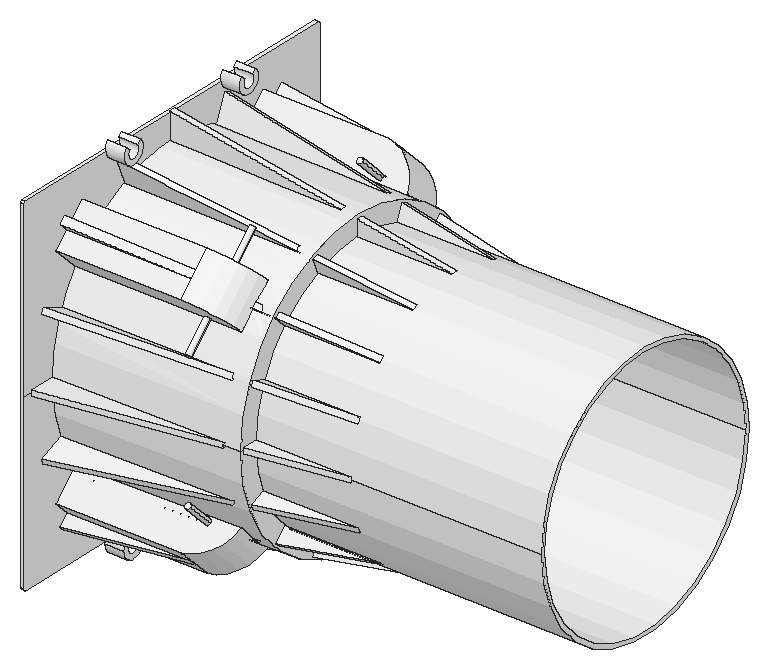
Revit family "H110S REV 0 SNAP", category Pipe Accessories, Revit 2018
Family settings
  Round Connector Dimension = Use Diameter
  Part Type = Breaks Into
  Work Plane-Based = No
  Always vertical = No
  Cut with Voids When Loaded = No
  Shared = No
Parameters
  URL = "https://www.snapcollars.com.au/"
  Model = "H110S"
  Manufacturer = "Snap Fire Collars"
  Description = "SNAP 110 High-Top Stack"
  Cut Depth Offset [instance] = Cut Depth + 1 mm  # 1 mm
  Cut Depth [instance] = 0 mm
Reference planes
  plane 1 "Center (Front/Back)": y = 0
  plane 2: z = 0
  plane 3 "Center (Left/Right)": x = 21
  plane 4: x = -230
  plane 5: x = -99.679
  plane 6: y = 90.593
  plane 7: y = -50
  plane 8: y = 100.593
  plane 9: y = -60
  plane 10: x = -99.679
  plane 11: x = -79.975
Forms (mm)
  Revolve 1, solid, material "PVC-White", detail levels medium+fine
    sketch origin (0, 0, 0) x (1, 0, 0) y (0, 1, 0)
      loop
        line (-227.967, -78.964) -> (-130, -77.766) -> (-130, -67.842) -> (21, -67.842) -> (21, -66) -> (-131.984, -66) -> (-131.984, -75.532) -> (-230, -76.833) -> (-230, -132.766) -> (-227.967, -132.766) -> (-227.967, -78.964)
      axis (-230, 0) -> (21, 0)
    angle from 0 to 360
  Extrusion 2, void
    sketch origin (-227.967, 0, 0) x (0, 1, 0) y (0, 0, -1)
      loop
        line (-97.07, -91.615) -> (96.93, -91.615) -> (96.93, 91.385) -> (-97.07, 91.385) -> (-97.07, -91.615)
      loop
        line (-157.766, -157.766) -> (178.95, -157.766) -> (178.95, 172.842) -> (-157.766, 172.842) -> (-157.766, -157.766)
    from 0 to 2.033
  Extrusion 3, solid, material "PVC-White", detail levels fine
    sketch origin (0, -0.061, 0) x (1, 0, 0) y (0, 0, 1)
      loop
        line (-227.967, 92.766) -> (-227.967, 67.973) -> (-80, 67.973) -> (-227.967, 92.766)
    from -1.5 to 1.5
  Extrusion 4, solid, material "PVC-White", detail levels fine
    sketch origin (0, 0, 0) x (1, 0, 0) y (0, 0.866025, -0.5)
      loop
        line (-80, 60.418) -> (-227.967, 86.048) -> (-227.967, 69.12) -> (-80, 60.418)
    from -1.5 to 1.5
  Extrusion 5, solid, material "PVC-White", detail levels fine
    sketch origin (0, 0, 0) x (1, 0, 0) y (0, 1, 0)
      loop
        line (-80, 60.418) -> (-227.967, 86.048) -> (-227.967, 69.12) -> (-80, 60.418)
    from -1.5 to 1.5
  Extrusion 6, solid, material "PVC-White", detail levels medium+fine
    sketch origin (0, 0.061, 0.083) x (1, 0, 0) y (0, -0.707107, 0.707107)
      loop
        line (-227.967, 58.439) -> (-140.967, 58.439) -> (-140.967, 77.244)
        arc (-140.967, 77.244) -> (-148.679, 90.01) -> (-162.316, 96.048) r 24.811
        line (-162.316, 96.048) -> (-227.967, 96.048) -> (-227.967, 58.439)
    from -12 to 12
  Extrusion 7, solid, material "PVC-White", detail levels fine
    sketch origin (0, 0.061, 0.083) x (1, 0, 0) y (0, -0.707107, 0.707107)
      loop
        line (-227.967, 102.871) -> (-227.967, 96.048) -> (-162.316, 96.048) -> (-227.967, 102.871)
    from -2 to 2
  Extrusion 8, solid, material "PVC-White", not visible, detail levels fine
    sketch origin (0, 0, 0) x (1, 0, 0) y (0, 0, 1)
      loop
        line (-80, 60.418) -> (-227.967, 86.048) -> (-227.967, 69.12) -> (-80, 60.418)
    from -1.5 to 1.5
  Extrusion 9, solid, material "PVC-White", not visible, detail levels fine
    sketch origin (0, 0, 0) x (1, 0, 0) y (0, -0.5, 0.866025)
      loop
        line (-80, 60.418) -> (-227.967, 86.048) -> (-227.967, 69.12) -> (-80, 60.418)
    from -1.5 to 1.5
  Extrusion 10, solid, material "PVC-White", not visible, detail levels fine
    sketch origin (0, 0, 0) x (1, 0, 0) y (0, -0.866025, 0.5)
      loop
        line (-80, 60.418) -> (-227.967, 86.048) -> (-227.967, 69.12) -> (-80, 60.418)
    from -1.5 to 1.5
  Extrusion 11, solid, material "PVC-White", not visible, detail levels fine
    sketch origin (0, 0, 0) x (0, -1, 0) y (-1, 0, 0)
      loop
        line (60.418, 80) -> (86.048, 227.967) -> (69.12, 227.967) -> (60.418, 80)
    from -1.5 to 1.5
  Extrusion 12, solid, material "PVC-White", not visible, detail levels fine
    sketch origin (0, 0, 0) x (1, 0, 0) y (0, -0.866025, -0.5)
      loop
        line (-80, 60.418) -> (-227.967, 86.048) -> (-227.967, 69.12) -> (-80, 60.418)
    from -1.5 to 1.5
  Extrusion 13, solid, material "PVC-White", not visible, detail levels fine
    sketch origin (0, 0, 0) x (1, 0, 0) y (0, -0.5, -0.866025)
      loop
        line (-80, 60.418) -> (-227.967, 86.048) -> (-227.967, 69.12) -> (-80, 60.418)
    from -1.5 to 1.5
  Extrusion 14, solid, material "PVC-White", not visible, detail levels fine
    sketch origin (0, 0, 0) x (1, 0, 0) y (0, 0, -1)
      loop
        line (-80, 60.418) -> (-227.967, 86.048) -> (-227.967, 69.12) -> (-80, 60.418)
    from -1.5 to 1.5
  Extrusion 15, solid, material "PVC-White", not visible, detail levels fine
    sketch origin (0, 0, 0) x (1, 0, 0) y (0, 0.5, -0.866025)
      loop
        line (-80, 60.418) -> (-227.967, 86.048) -> (-227.967, 69.12) -> (-80, 60.418)
    from -1.5 to 1.5
  Extrusion 16, solid, material "PVC-White", not visible, detail levels fine
    sketch origin (0, 0, 0) x (1, 0, 0) y (0, 0.866025, -0.5)
      loop
        line (-80, 60.418) -> (-227.967, 86.048) -> (-227.967, 69.12) -> (-80, 60.418)
    from -1.5 to 1.5
  Extrusion 17, solid, material "PVC-White", not visible, detail levels fine
    sketch origin (0, 0, 0) x (1, 0, 0) y (0, 1, 0)
      loop
        line (-80, 60.418) -> (-227.967, 86.048) -> (-227.967, 69.12) -> (-80, 60.418)
    from -1.5 to 1.5
  Extrusion 18, solid, material "PVC-White", not visible, detail levels fine
    sketch origin (0, 0, 0) x (1, 0, 0) y (0, 0.866025, 0.5)
      loop
        line (-80, 60.418) -> (-227.967, 86.048) -> (-227.967, 69.12) -> (-80, 60.418)
    from -1.5 to 1.5
  Extrusion 19, solid, material "PVC-White", not visible, detail levels fine
    sketch origin (0, 0, 0) x (1, 0, 0) y (0, 0.5, 0.866025)
      loop
        line (-80, 60.418) -> (-227.967, 86.048) -> (-227.967, 69.12) -> (-80, 60.418)
    from -1.5 to 1.5
  Extrusion 20, solid, material "PVC-White", detail levels fine
    sketch origin (0, 0.018, 0.04) x (1, 0, 0) y (0, -0.707107, 0.707107)
      loop
        circle (-157.362, 79.878) r 1.5
    from -30 to 30
  Extrusion 21, void
    sketch origin (21, 0, 0) x (0, 1, 0) y (0, 0, -1)
      loop
        circle (0, 0) r 70
    from 0 to 1 <- "Cut Depth Offset"
  Extrusion 22, solid, material "PVC-White", not visible, detail levels medium+fine
    sketch origin (0, 0, 0) x (1, 0, 0) y (0, 0, 1)
      loop
        line (-227.967, 58.439) -> (-140.967, 58.439) -> (-140.967, 77.244)
        arc (-140.967, 77.244) -> (-148.679, 90.01) -> (-162.316, 96.048) r 24.811
        line (-162.316, 96.048) -> (-227.967, 96.048) -> (-227.967, 58.439)
    from -12 to 12
  Extrusion 23, solid, material "PVC-White", not visible, detail levels fine
    sketch origin (0, 0, 0) x (1, 0, 0) y (0, 0, 1)
      loop
        line (-227.967, 102.871) -> (-227.967, 96.048) -> (-162.316, 96.048) -> (-227.967, 102.871)
    from -2 to 2
  Extrusion 24, solid, material "PVC-White", not visible, detail levels fine
    sketch origin (0, 0, 0) x (1, 0, 0) y (0, 0, 1)
      loop
        circle (-157.362, 79.878) r 1.5
    from -30 to 30
  Extrusion 25, solid, material "PVC-White", not visible, detail levels medium+fine
    sketch origin (0, 0.061, 0.083) x (1, 0, 0) y (0, -0.707107, 0.707107)
      loop
        line (-227.967, 58.439) -> (-140.967, 58.439) -> (-140.967, 77.244)
        arc (-140.967, 77.244) -> (-148.679, 90.01) -> (-162.316, 96.048) r 24.811
        line (-162.316, 96.048) -> (-227.967, 96.048) -> (-227.967, 58.439)
    from -12 to 12
  Extrusion 26, solid, material "PVC-White", not visible, detail levels fine
    sketch origin (0, 0.061, 0.083) x (1, 0, 0) y (0, -0.707107, 0.707107)
      loop
        line (-227.967, 102.871) -> (-227.967, 96.048) -> (-162.316, 96.048) -> (-227.967, 102.871)
    from -2 to 2
  Extrusion 27, solid, material "PVC-White", not visible, detail levels fine
    sketch origin (0, 0.018, 0.04) x (1, 0, 0) y (0, -0.707107, 0.707107)
      loop
        circle (-157.362, 79.878) r 1.5
    from -30 to 30
  Extrusion 28, solid, material "PVC-White", detail levels medium+fine
    sketch origin (0, -0.102, -0.015) x (1, 0, 0) y (0, 0.707107, 0.707107)
      loop
        line (-227.967, 58.439) -> (-140.967, 58.439) -> (-140.967, 77.244)
        arc (-140.967, 77.244) -> (-148.679, 90.01) -> (-162.316, 96.048) r 24.811
        line (-162.316, 96.048) -> (-227.967, 96.048) -> (-227.967, 58.439)
    from -12 to 12
  Extrusion 29, solid, material "PVC-White", detail levels fine
    sketch origin (0, -0.102, -0.015) x (1, 0, 0) y (0, 0.707107, 0.707107)
      loop
        line (-227.967, 102.871) -> (-227.967, 96.048) -> (-162.316, 96.048) -> (-227.967, 102.871)
    from -2 to 2
  Extrusion 30, solid, material "PVC-White", detail levels fine
    sketch origin (0, -0.145, 0.028) x (1, 0, 0) y (0, 0.707107, 0.707107)
      loop
        circle (-157.362, 79.878) r 1.5
    from -30 to 30
  Extrusion 31, solid, material "PVC-White", detail levels medium+fine
    sketch origin (0, -0.201, 0.148) x (1, 0, 0) y (0, 0.707107, -0.707107)
      loop
        line (-227.967, 58.439) -> (-140.967, 58.439) -> (-140.967, 77.244)
        arc (-140.967, 77.244) -> (-148.679, 90.01) -> (-162.316, 96.048) r 24.811
        line (-162.316, 96.048) -> (-227.967, 96.048) -> (-227.967, 58.439)
    from -12 to 12
  Extrusion 32, solid, material "PVC-White", detail levels fine
    sketch origin (0, -0.201, 0.148) x (1, 0, 0) y (0, 0.707107, -0.707107)
      loop
        line (-227.967, 102.871) -> (-227.967, 96.048) -> (-162.316, 96.048) -> (-227.967, 102.871)
    from -2 to 2
  Extrusion 33, solid, material "PVC-White", detail levels fine
    sketch origin (0, -0.157, 0.191) x (1, 0, 0) y (0, 0.707107, -0.707107)
      loop
        circle (-157.362, 79.878) r 1.5
    from -30 to 30
  Extrusion 34, solid, material "PVC-White", detail levels medium+fine
    sketch origin (0, -0.037, 0.246) x (1, 0, 0) y (0, -0.707107, -0.707107)
      loop
        line (-227.967, 58.439) -> (-140.967, 58.439) -> (-140.967, 77.244)
        arc (-140.967, 77.244) -> (-148.679, 90.01) -> (-162.316, 96.048) r 24.811
        line (-162.316, 96.048) -> (-227.967, 96.048) -> (-227.967, 58.439)
    from -12 to 12
  Extrusion 35, solid, material "PVC-White", detail levels fine
    sketch origin (0, -0.037, 0.246) x (1, 0, 0) y (0, -0.707107, -0.707107)
      loop
        line (-227.967, 102.871) -> (-227.967, 96.048) -> (-162.316, 96.048) -> (-227.967, 102.871)
    from -2 to 2
  Extrusion 36, solid, material "PVC-White", detail levels fine
    sketch origin (0, 0.006, 0.203) x (1, 0, 0) y (0, -0.707107, -0.707107)
      loop
        circle (-157.362, 79.878) r 1.5
    from -30 to 30
  Extrusion 37, solid, material "PVC-White", not visible, detail levels fine
    sketch origin (0, -0.061, 0) x (1, 0, 0) y (0, 0, 1)
      loop
        line (-227.967, 92.766) -> (-227.967, 67.973) -> (-80, 67.973) -> (-227.967, 92.766)
    from -1.5 to 1.5
  Extrusion 38, solid, material "PVC-White", detail levels fine
    sketch origin (0, -0.018, 0.012) x (1, 0, 0) y (0, -0.382683, 0.92388)
      loop
        line (-227.967, 92.766) -> (-227.967, 67.973) -> (-80, 67.973) -> (-227.967, 92.766)
    from -1.5 to 1.5
  Extrusion 39, solid, material "PVC-White", detail levels fine
    sketch origin (0, -0.106, 0.006) x (1, 0, 0) y (0, 0.382683, 0.92388)
      loop
        line (-227.967, 92.766) -> (-227.967, 67.973) -> (-80, 67.973) -> (-227.967, 92.766)
    from -1.5 to 1.5
  Extrusion 40, solid, material "PVC-White", detail levels fine
    sketch origin (0, -0.145, 0.028) x (1, 0, 0) y (0, 0.707107, 0.707107)
      loop
        line (-227.967, 92.766) -> (-227.967, 67.973) -> (-80, 67.973) -> (-227.967, 92.766)
    from -1.5 to 1.5
  Extrusion 41, solid, material "PVC-White", detail levels fine
    sketch origin (0, -0.173, 0.064) x (1, 0, 0) y (0, 0.92388, 0.382683)
      loop
        line (-227.967, 92.766) -> (-227.967, 67.973) -> (-80, 67.973) -> (-227.967, 92.766)
    from -1.5 to 1.5
  Extrusion 42, solid, material "PVC-White", detail levels fine
    sketch origin (0, -0.185, 0.107) x (1, 0, 0) y (0, 1, 0)
      loop
        line (-227.967, 92.766) -> (-227.967, 67.973) -> (-80, 67.973) -> (-227.967, 92.766)
    from -1.5 to 1.5
  Extrusion 43, solid, material "PVC-White", detail levels fine
    sketch origin (0, -0.18, 0.152) x (1, 0, 0) y (0, 0.92388, -0.382683)
      loop
        line (-227.967, 92.766) -> (-227.967, 67.973) -> (-80, 67.973) -> (-227.967, 92.766)
    from -1.5 to 1.5
  Extrusion 44, solid, material "PVC-White", detail levels fine
    sketch origin (0, -0.157, 0.191) x (1, 0, 0) y (0, 0.707107, -0.707107)
      loop
        line (-227.967, 92.766) -> (-227.967, 67.973) -> (-80, 67.973) -> (-227.967, 92.766)
    from -1.5 to 1.5
  Extrusion 45, solid, material "PVC-White", detail levels fine
    sketch origin (0, -0.122, 0.219) x (1, 0, 0) y (0, 0.382683, -0.92388)
      loop
        line (-227.967, 92.766) -> (-227.967, 67.973) -> (-80, 67.973) -> (-227.967, 92.766)
    from -1.5 to 1.5
  Extrusion 46, solid, material "PVC-White", detail levels fine
    sketch origin (0, -0.078, 0.231) x (1, 0, 0) y (0, 0, -1)
      loop
        line (-227.967, 92.766) -> (-227.967, 67.973) -> (-80, 67.973) -> (-227.967, 92.766)
    from -1.5 to 1.5
  Extrusion 47, solid, material "PVC-White", detail levels fine
    sketch origin (0, -0.033, 0.225) x (1, 0, 0) y (0, -0.382683, -0.92388)
      loop
        line (-227.967, 92.766) -> (-227.967, 67.973) -> (-80, 67.973) -> (-227.967, 92.766)
    from -1.5 to 1.5
  Extrusion 48, solid, material "PVC-White", detail levels fine
    sketch origin (0, 0.006, 0.203) x (1, 0, 0) y (0, -0.707107, -0.707107)
      loop
        line (-227.967, 92.766) -> (-227.967, 67.973) -> (-80, 67.973) -> (-227.967, 92.766)
    from -1.5 to 1.5
  Extrusion 49, solid, material "PVC-White", detail levels fine
    sketch origin (0, 0.034, 0.167) x (1, 0, 0) y (0, -0.92388, -0.382683)
      loop
        line (-227.967, 92.766) -> (-227.967, 67.973) -> (-80, 67.973) -> (-227.967, 92.766)
    from -1.5 to 1.5
  Extrusion 50, solid, material "PVC-White", detail levels fine
    sketch origin (0, 0.046, 0.124) x (0, -1, 0) y (-1, 0, 0)
      loop
        line (92.766, 227.967) -> (67.973, 227.967) -> (67.973, 80) -> (92.766, 227.967)
    from -1.5 to 1.5
  Extrusion 51, solid, material "PVC-White", detail levels fine
    sketch origin (0, 0.04, 0.079) x (1, 0, 0) y (0, -0.92388, 0.382683)
      loop
        line (-227.967, 92.766) -> (-227.967, 67.973) -> (-80, 67.973) -> (-227.967, 92.766)
    from -1.5 to 1.5
  Extrusion 52, solid, material "PVC-White", detail levels fine
    sketch origin (0, 0.018, 0.04) x (1, 0, 0) y (0, -0.707107, 0.707107)
      loop
        line (-227.967, 92.766) -> (-227.967, 67.973) -> (-80, 67.973) -> (-227.967, 92.766)
    from -1.5 to 1.5
  Extrusion 53, solid, material "PVC-White", detail levels medium+fine
    sketch origin (-227.967, 0, 0) x (0, -1, 0) y (0, 0, -1)
      loop
        arc (42.345, -96.671) -> (37.79, -86.766) -> (33.234, -96.671) r 6
        line (33.234, -96.671) -> (35.011, -94.894)
        arc (35.011, -94.894) -> (37.79, -89.266) -> (40.568, -94.894) r 3.5
        line (40.568, -94.894) -> (42.345, -96.671)
    from 0 to 10
  Extrusion 54, solid, material "PVC-White", detail levels medium+fine
    sketch origin (-227.967, 0, 0) x (0, 1, 0) y (0, 0, 1)
      loop
        arc (33.234, 96.671) -> (37.79, 86.766) -> (42.345, 96.671) r 6
        line (42.345, 96.671) -> (40.568, 94.894)
        arc (40.568, 94.894) -> (37.79, 89.266) -> (35.011, 94.894) r 3.5
        line (35.011, 94.894) -> (33.234, 96.671)
    from 0 to 10
  Extrusion 55, solid, material "PVC-White", not visible, detail levels medium+fine
    sketch origin (-227.967, 0, 0) x (0, -1, 0) y (0, 0, -1)
      loop
        circle (37.79, -92.766) r 6
      loop
        circle (37.79, -92.766) r 3.5
    from 0 to 10
  Extrusion 56, solid, material "PVC-White", not visible, detail levels medium+fine
    sketch origin (-227.967, 0, 0) x (0, 1, 0) y (0, 0, 1)
      loop
        circle (37.79, 92.766) r 6
      loop
        circle (37.79, 92.766) r 3.5
    from 0 to 10
  Extrusion 57, solid, material "PVC-White", detail levels medium+fine
    sketch origin (-227.967, -0.139, 0.231) x (0, 1, -0.000556) y (0, 0.000556, 1)
      loop
        circle (37.79, -92.766) r 6
      loop
        circle (37.79, -92.766) r 3.5
    from 0 to 10
  Extrusion 58, solid, material "PVC-White", detail levels medium+fine
    sketch origin (-227.967, -0.139, 0.231) x (0, -1, 0.000556) y (0, -0.000556, -1)
      loop
        circle (37.79, 92.766) r 6
      loop
        circle (37.79, 92.766) r 3.5
    from 0 to 10
Cuts and joins
  Extrusion 2, Extrusion 21 cuts Revolve 1
  joined: Revolve 1, Extrusion 6, Extrusion 53, Extrusion 54, Extrusion 57, Extrusion 58
Lines and regions (mm)
  model lines
    curve 1: line (-227.967, -50.07, 0.115) -> (-227.967, 49.93, 0.115)
Dimensions and locks
  plane 4 to plane 3 "Center (Left/Right)" = 251 mm
  Extrusion 4 sketch curve to Extrusion 4 sketch curve = 0 mm
  Extrusion 5 sketch curve to Extrusion 5 sketch curve = 0 mm
  Extrusion 8 sketch curve to Extrusion 8 sketch curve = 0 mm
  Extrusion 9 sketch curve to Extrusion 9 sketch curve = 0 mm
  Extrusion 10 sketch curve to Extrusion 10 sketch curve = 0 mm
  Extrusion 11 sketch curve to Extrusion 11 sketch curve = 0 mm
  Extrusion 12 sketch curve to Extrusion 12 sketch curve = 0 mm
  Extrusion 13 sketch curve to Extrusion 13 sketch curve = 0 mm
  Extrusion 14 sketch curve to Extrusion 14 sketch curve = 0 mm
  Extrusion 15 sketch curve to Extrusion 15 sketch curve = 0 mm
  Extrusion 16 sketch curve to Extrusion 16 sketch curve = 0 mm
  Extrusion 17 sketch curve to Extrusion 17 sketch curve = 0 mm
  Extrusion 18 sketch curve to Extrusion 18 sketch curve = 0 mm
  Extrusion 19 sketch curve to Extrusion 19 sketch curve = 0 mm
  aligned and locked: level to plane 2
  aligned and locked: plane 1 "Center (Front/Back)" to Revolve 1 sketch curve
  aligned and locked: plane 3 "Center (Left/Right)" to Extrusion 21
Connectors
  piping at (-99.679, 0, 0), diameter 110
    settings: on plane 10, index 4, connector inside diameter 609.6 mm, connector length 0 mm, flow factor 0, pipe flow 0.0 L/s, pressure drop 0.0 Pa, fitting loss kfactor 0, connector angle 0.00°, fixture units 0, engagement length 0 mm, angle of deflection 0.00°, flow configuration 0, flow direction 0, fitting loss method 0, system type 7, joint type 0, gender type 0, connector reference index -1, connector utility 0, adjustable connector no, is connector primary yes, connector description ""
  piping at (-99.679, 0, 0), diameter 110
    settings: on plane 5, index 5, connector inside diameter 609.6 mm, connector length 0 mm, flow factor 0, pipe flow 0.0 L/s, pressure drop 0.0 Pa, fitting loss kfactor 0, connector angle 0.00°, fixture units 0, engagement length 0 mm, angle of deflection 0.00°, flow configuration 0, flow direction 0, fitting loss method 0, system type 7, joint type 0, gender type 0, connector reference index -1, connector utility 0, adjustable connector no, is connector primary no, connector description ""
